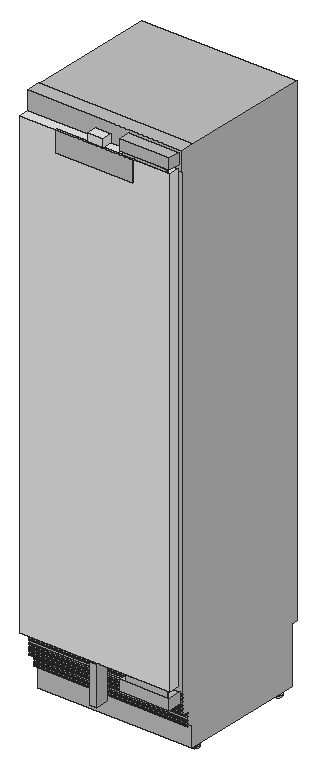
Revit family "FP-Revit18-RS2484SRHK1-Fridge-0-CA-US-90001063A", category Specialty Equipment, Revit 2020
Family settings
  Round Connector Dimension = Use Diameter
  Part Type = Normal
  OmniClass Number = 23.40.40.11.11
  OmniClass Title = Refrigerators and Freezers
  Work Plane-Based = No
  Always vertical = Yes
  Cut with Voids When Loaded = Yes
  Shared = No
  Room Calculation Point = No
Parameters (values of type "RS2484SRHE1")
  Visibility - Water Connection = no
  Visibility - Visibility Control Note = yes
  Visibility - Clearance Required = yes
  URL = "www.fisherpaykel.com"
  Stainless Steel Door Panels (RD2484R4D) = no
  Product - Width = 603 mm  # constant formula
  Product - Height = 2134 mm  # constant formula
  Product - Depth (exl front panel) = 610 mm  # constant formula
  Model = "RS2484SRHE1"
  Material - Handle = Fisher & Paykel - Aluminium
  Material - Door Structure = Fisher & Paykel - White
  Material - Door Front = Fisher & Paykel - Stainless Steel
  Material - Body = Fisher & Paykel - Grey
  Manufacturer = "Fisher & Paykel Appliances"
  Handle Style - Professional Square (AHV2-RD84) = no
  Handle Style - Professional Round (AHC-RD84) = no
  Handle Style - Contemporary Square (AHD3-RD84) = no
  Handle Style - Contemporary Round (AHS-RD84) = no
  Description = "24\" Integrated Column Refrigerator with stainless steel interior"
  Default Elevation = 0 mm
  Connector Description - Water = "Water Supply not required"
  Connector Description - Electrical = "120 V, 10 amp fused electrical supply"
  Cavity - Width = 610 mm  # constant formula
  Cavity - Height = 2134 mm  # constant formula
  Cavity - Depth = 635 mm  # constant formula
Types (4, lengths in mm): name | Visibility - Water Connection | Model | Description | Connector Description - Water
  (no name) | no | "RS2484SRHE1" | "24\" Integrated Column Refrigerator with stainless steel interior" | "Water Supply not required"
  RS2484SRHK1 | yes | "RS2484SRHK1" | "24\" Integrated Column Refrigerator with internal water, stainless steel interior" | "1/4\" (6mm) comp. stainless steel braided hose"
  RS2484SR1 | no | "RS2484SR1" | "24\" Integrated Column Refrigerator" | "Water Supply not required"
  RS2484SRHE1 | no | "RS2484SRHE1" | "24\" Integrated Column Refrigerator with stainless steel interior" | "Water Supply not required"
Reference planes
  plane 1 "Datum": y = 0
  plane 2: z = 0
  plane 3 "Center (Left/Right)": x = 0
  plane 4 "Product LHS": x = -301.5
  plane 5 "Product RHS": x = 301.5
  plane 6 "Product - Depth": y = 610
  plane 7 "Cavity LHS": x = -305
  plane 8 "Cavity RHS": x = 305
  plane 9 "Cavity - Depth": y = 612.9
  plane 10 "Handle Offset": x = -238.5
  plane 11 "Product Height": z = 2134
  plane 12 "Cavity Height": z = 2134
  plane 13 "Door Panel Datum": y = -4.1
Forms (mm)
  Extrusion 1, solid, material "Fisher & Paykel - Grey" <- "Material - Body", detail levels fine
    sketch origin (0, 0, 0) x (0, 1, 0) y (0, 0, 1)
      loop
        line (100.1, 19.1) -> (587.9, 19.1) -> (587.9, 239.7) -> (610, 239.7) -> (610, 2131.9) -> (105.1, 2131.9) -> (105.1, 2134) -> (49.9, 2134) -> (49.9, 2059) -> (56, 2059) -> (56, 228.6) -> (59.5, 228.6) -> (59.5, 219.7) -> (56.5, 219.7) -> (56.5, 215.9) -> (59.5, 215.9) -> (59.5, 207) -> (56.5, 207) -> (56.5, 203.2) -> (59.5, 203.2) -> (59.5, 194.3) -> (56.5, 194.3) -> (56.5, 190.5) -> (59.5, 190.5) -> (59.5, 181.6) -> (56.5, 181.6) -> (56.5, 177.8) -> (59.5, 177.8) -> (59.5, 168.9) -> (56.5, 168.9) -> (56.5, 165.1) -> (59.5, 165.1) -> (59.5, 156.2) -> (56.5, 156.2) -> (56.5, 152.4) -> (84.1, 152.4) -> (84.1, 143.5) -> (81.1, 143.5) -> (81.1, 139.7) -> (84.1, 139.7) -> (84.1, 130.8) -> (81.1, 130.8) -> (81.1, 127) -> (84.1, 127) -> (84.1, 118.1) -> (81.1, 118.1) -> (81.1, 114.3) -> (84.1, 114.3) -> (84.1, 105.4) -> (81.1, 105.4) -> (81.1, 101.6) -> (100.1, 101.6) -> (100.1, 19.1)
    from -301.5 to 301.5
  Extrusion 2, solid, material "Fisher & Paykel - Grey" <- "Material - Body"
    sketch origin (0, 0, 0) x (1, 0, 0) y (0, 1, 0)
      loop
        circle (-281, 547.8) r 4.1
      loop
        circle (-281, 141.8) r 4.1
      loop
        circle (281, 547.8) r 4.1
      loop
        circle (281, 141.8) r 4.1
    from 3 to 19.1
  Extrusion 3, solid, material "Fisher & Paykel - Grey" <- "Material - Body"
    sketch origin (0, 0, 0) x (1, 0, 0) y (0, 1, 0)
      loop
        circle (-281, 547.8) r 14.5
      loop
        circle (-281, 141.8) r 14.555
      loop
        circle (281, 547.8) r 14.5
      loop
        circle (281, 141.8) r 14.555
    from 0 to 3
  Extrusion 4, solid, material "Fisher & Paykel - Grey" <- "Material - Body", detail levels fine
    sketch origin (0, 0, 0) x (1, 0, 0) y (0, 1, 0)
      loop
        line (-7.5, 49) -> (-13.797, -4.1) -> (13.797, -4.1) -> (7.5, 49) -> (-7.5, 49)
    from 104.2 to 254.2
  Extrusion 5, solid, material "Fisher & Paykel - Grey" <- "Material - Body", detail levels fine
    sketch origin (0, 0, 0) x (1, 0, 0) y (0, 0, 1)
      loop
        line (289.9, 2123.15) -> (95.42, 2123.15) -> (95.42, 2081.05) -> (289.9, 2081.05) -> (289.9, 2123.15)
    from -49 to -2.5
  Extrusion 6, solid, material "Fisher & Paykel - Grey" <- "Material - Body", detail levels fine
    sketch origin (0, 0, 0) x (0, 1, 0) y (0, 0, 1)
      loop
        line (0, 2070.6) -> (0, 1988.6) -> (2, 1988.6) -> (2, 2068.6) -> (4, 2068.6) -> (4, 2070.6) -> (0, 2070.6)
    from -150 to 150
  Extrusion 7, solid, material "Fisher & Paykel - Grey" <- "Material - Body"
    sketch origin (0, 0, 0) x (1, 0, 0) y (0, 0, 1)
      loop
        circle (226.5, 119.813) r 5
      loop
        circle (-226.5, 119.813) r 5
    from -590 to -587.9
  Extrusion 8, solid, material "Fisher & Paykel - White" <- "Material - Door Structure"
    sketch origin (0, 0, 0) x (1, 0, 0) y (0, 1, 0)
      loop
        line (-276.5, 56) -> (-276.5, 42) -> (276.5, 42) -> (276.5, 56) -> (-276.5, 56)
    from 269.6 to 2030.7
  Extrusion 9, solid, material "Fisher & Paykel - White" <- "Material - Door Structure"
    sketch origin (0, 0, 0) x (1, 0, 0) y (0, 1, 0)
      loop
        line (-292.9, 42) -> (-292.9, 3) -> (292.9, 3) -> (292.9, 42) -> (-292.9, 42)
    from 254.2 to 2068.6
  Extrusion 10, solid, material "Fisher & Paykel - White" <- "Material - Door Structure", detail levels fine
    sketch origin (0, 0, 0) x (1, 0, 0) y (0, 0, 1)
      loop
        line (-29.5, 2100.1) -> (-29.5, 2068.6) -> (29.5, 2068.6) -> (29.5, 2100.1) -> (-29.5, 2100.1)
    from -42 to -3
  Extrusion 11, solid, material "Fisher & Paykel - Stainless Steel" <- "Material - Door Front", visible <- "Stainless Steel Door Panels (RD2484R4D)"
    sketch origin (0, 0, 0) x (0, 1, 0) y (0, 0, 1)
      loop
        line (-22.1, 2130.8) -> (-22.1, 102) -> (-4.1, 102) -> (-4.1, 2130.8) -> (-22.1, 2130.8)
    from -301.5 to 301.5
  Extrusion 12, solid, material "Fisher & Paykel - Grey" <- "Material - Body", detail levels coarse+medium
    sketch origin (0, 0, 0) x (0, 1, 0) y (0, 0, 1)
      loop
        line (49.9, 2134) -> (49.9, 2059) -> (56, 2059) -> (56, 152.4) -> (81.1, 152.4) -> (81.1, 101.6) -> (100.1, 101.6) -> (100.1, 19.1) -> (587.9, 19.1) -> (587.9, 239.7) -> (610, 239.7) -> (610, 2134) -> (49.9, 2134)
    from -301.5 to 301.5
  Extrusion 13, solid, material "Fisher & Paykel - Clearance Required", visible <- "Visibility - Clearance Required", detail levels coarse
    sketch origin (0, 0, 0) x (1, 0, 0) y (0, 1, 0)
      loop
        arc (-301.5, -22.1) -> (-13.376, -547.171) -> (584.28, -586.183) r 622.5
        line (584.28, -586.183) -> (565.051, -544.946) -> (589.549, -533.523)
        arc (589.549, -533.523) -> (598.013, -510.267) -> (574.757, -501.802) r 17.5
        line (574.757, -501.802) -> (550.259, -513.225) -> (329.441, -39.678)
        arc (329.441, -39.678) -> (310.616, -38.605) -> (301.5, -22.1) r 19.5
        line (301.5, -22.1) -> (-301.5, -22.1)
    from 0 to 2134
  Extrusion 14, solid, material "Fisher & Paykel - Grey" <- "Material - Body", detail levels fine
    sketch origin (0, 0, 0) x (1, 0, 0) y (0, 0, 1)
      loop
        line (289.9, 187.65) -> (289.9, 229.75) -> (95.42, 229.75) -> (95.42, 187.65) -> (289.9, 187.65)
    from -56 to -2.5
  Extrusion 15, solid, material "Fisher & Paykel - Grey" <- "Material - Body", detail levels fine
    sketch origin (0, 0, -4) x (0, 1, 0) y (0, 0, 1)
      loop
        arc (163.888, 23.1) -> (180.4, 13.63) -> (196.912, 23.1) r 19.13
        line (196.912, 23.1) -> (163.888, 23.1)
      loop
        arc (493.888, 23.1) -> (510.4, 13.63) -> (526.912, 23.1) r 19.13
        line (526.912, 23.1) -> (493.888, 23.1)
    from 191 to 219
  Extrusion 16, solid, material "Fisher & Paykel - Grey" <- "Material - Body", detail levels fine
    sketch origin (0, 0, -4) x (0, 1, 0) y (0, 0, -1)
      loop
        line (163.888, -23.1) -> (196.912, -23.1)
        arc (196.912, -23.1) -> (180.4, -13.63) -> (163.888, -23.1) r 19.13
      loop
        line (493.888, -23.1) -> (526.912, -23.1)
        arc (526.912, -23.1) -> (510.4, -13.63) -> (493.888, -23.1) r 19.13
    from 191 to 219
  Extrusion 17, solid, material "Fisher & Paykel - Clearance Required", visible <- "Visibility - Clearance Required", detail levels coarse
    sketch origin (0, 0, 0) x (1, 0, 0) y (0, 1, 0)
      loop
        line (-305, 612.9) -> (-305, -4.1) -> (305, -4.1) -> (305, 612.9) -> (-305, 612.9)
    from 0 to 2134
  Extrusion 18, void
    sketch origin (0, 0, 0) x (1, 0, 0) y (0, 1, 0)
      loop
        line (-305, 612.9) -> (-305, -22.1) -> (305, -22.1) -> (305, 612.9) -> (-305, 612.9)
    from 0 to 2134
  Extrusion 19, solid, material "Fisher & Paykel - Grey" <- "Material - Body", detail levels fine
    sketch origin (0, 0, 0) x (1, 0, 0) y (0, 0, 1)
      loop
        line (118.4, 254.2) -> (118.4, 229.75) -> (282.9, 229.75) -> (282.9, 254.2) -> (118.4, 254.2)
      loop
        line (106, 2081.05) -> (106, 2068.6) -> (282.9, 2068.6) -> (282.9, 2076.05) -> (242.9, 2081.05) -> (106, 2081.05)
    from -7 to -4
Lines and regions (mm)
  model lines, style "Fisher & Paykel"
    curve 1: line (-301.5, -4.1, 2130.8) -> (301.5, -4.1, 2130.8)
    curve 2: line (-301.5, -4.1, 102) -> (-301.5, -4.1, 2130.8)
    curve 3: line (301.5, -4.1, 102) -> (-301.5, -4.1, 102)
    curve 4: line (301.5, -4.1, 2130.8) -> (301.5, -4.1, 102)
Text (mm)
  text "Due to ongoing product development, product details are subject to change without notice. \nPlease always refer to www.fisherpaykel.com for the most current product information. \n© Fisher & Paykel 2020" at (41.04, -678.295, 0), in view "Ref. Level (Plan)"
Dimensions and locks
  equal spacing: plane 4 "Product LHS", plane 3 "Center (Left/Right)", plane 5 "Product RHS"
  "Product - Width": plane 4 "Product LHS" to plane 5 "Product RHS"
  "Product - Depth (exl front panel)": plane 1 "Datum" to plane 6 "Product - Depth"
  equal spacing: plane 7 "Cavity LHS", plane 3 "Center (Left/Right)", plane 8 "Cavity RHS"
  "Cavity - Width": plane 7 "Cavity LHS" to plane 8 "Cavity RHS"
  plane 4 "Product LHS" to Extrusion 2 sketch curve = 24.6 mm
  plane 4 "Product LHS" to plane 10 "Handle Offset" = 63 mm
  Extrusion 7 sketch curve to Extrusion 1 = 119.887 mm  (x2)
  Extrusion 7 sketch curve to plane 5 "Product RHS" = 75 mm
  plane 4 "Product LHS" to Extrusion 7 sketch curve = 75 mm
  Extrusion 1 sketch curve to Extrusion 1 sketch curve = 82.5 mm
  Extrusion 1 sketch curve to Extrusion 1 sketch curve = 209.5 mm
  Extrusion 3 to level = 3 mm
  Extrusion 12 to Extrusion 9 = 235.1 mm
  Extrusion 12 to Extrusion 8 = 250.5 mm
  Extrusion 12 to Extrusion 12 = 2114.9 mm
  Extrusion 12 to Extrusion 11 = 82.9 mm
  "Product - Height": level to plane 11 "Product Height"
  plane 11 "Product Height" to Extrusion 11 = 3.2 mm
  Extrusion 9 to plane 11 "Product Height" = 65.4 mm
  Extrusion 8 to plane 11 "Product Height" = 103.3 mm
  Extrusion 12 sketch curve to plane 11 "Product Height" = 75 mm
  Extrusion 1 sketch curve to plane 11 "Product Height" = 2.1 mm
  Extrusion 1 sketch curve to plane 11 "Product Height" = 75 mm
  "Cavity - Height": plane 12 "Cavity Height" to level
  plane 1 "Datum" to Extrusion 17 = 612.9 mm
  plane 1 "Datum" to Extrusion 18 = 612.9 mm
  Extrusion 19 sketch curve to Extrusion 19 sketch curve = 40 mm
  Extrusion 19 sketch curve to plane 3 "Center (Left/Right)" = 106 mm
  Extrusion 19 sketch curve to Extrusion 19 sketch curve = 176.9 mm
  Extrusion 19 sketch curve to plane 3 "Center (Left/Right)" = 118.4 mm
  plane 3 "Center (Left/Right)" to Extrusion 19 sketch curve = 282.9 mm
  Extrusion 18 to plane 1 "Datum" = 22.1 mm
  "Cavity - Depth": plane 9 "Cavity - Depth" to Extrusion 18
  radius of Extrusion 7 sketch curve = 5 mm
  aligned and locked: level to plane 2
  aligned and locked: Extrusion 11 to plane 5 "Product RHS"
  aligned and locked: plane 4 "Product LHS" to Extrusion 11
  aligned and locked: Extrusion 12 to plane 5 "Product RHS"
  aligned and locked: Extrusion 12 to plane 4 "Product LHS"
  aligned and locked: Extrusion 12 sketch curve to plane 11 "Product Height"
  aligned and locked: plane 11 "Product Height" to Extrusion 1 sketch curve
  aligned and locked: Extrusion 15 sketch curve to Extrusion 15 sketch curve
  aligned and locked: Extrusion 16 sketch curve to Extrusion 16 sketch curve
  aligned and locked: Extrusion 17 to Extrusion 13
  aligned and locked: Extrusion 18 to Extrusion 13
  aligned and locked: Extrusion 1 to plane 5 "Product RHS"
  aligned and locked: plane 4 "Product LHS" to Extrusion 1
  aligned and locked: Extrusion 2 to Extrusion 1
  aligned and locked: nested 5 to plane 10 "Handle Offset"
  aligned and locked: nested 4 to plane 10 "Handle Offset"
  aligned and locked: nested 3 to plane 10 "Handle Offset"
  aligned and locked: nested 2 to plane 10 "Handle Offset"
Automatic sketch dimensions
  Extrusion 2 sketch curve to plane 4 "Product LHS" = 20.5 mm  (x2)
  plane 5 "Product RHS" to Extrusion 2 sketch curve = 20.5 mm  (x2)
  Extrusion 2 sketch curve to plane 1 "Datum" = 141.8 mm  (x2)
  Extrusion 2 sketch curve to plane 6 "Product - Depth" = 62.2 mm  (x2)
  Extrusion 3 sketch curve to plane 4 "Product LHS" = 20.5 mm  (x2)
  plane 5 "Product RHS" to Extrusion 3 sketch curve = 20.5 mm  (x2)
  Extrusion 3 sketch curve to plane 1 "Datum" = 141.8 mm  (x2)
  Extrusion 3 sketch curve to plane 6 "Product - Depth" = 62.2 mm  (x2)
  plane 1 "Datum" to Extrusion 4 sketch curve = 4.1 mm
  Extrusion 4 sketch curve to plane 3 "Center (Left/Right)" = 13.797 mm
  Extrusion 4 sketch curve to plane 3 "Center (Left/Right)" = 7.5 mm
  plane 3 "Center (Left/Right)" to Extrusion 4 sketch curve = 7.5 mm
  plane 3 "Center (Left/Right)" to Extrusion 4 sketch curve = 13.797 mm
  Extrusion 4 sketch curve to plane 1 "Datum" = 49 mm
  plane 11 "Product Height" to Extrusion 5 sketch curve = 10.85 mm
  plane 3 "Center (Left/Right)" to Extrusion 5 sketch curve = 95.42 mm
  plane 5 "Product RHS" to Extrusion 5 sketch curve = 11.6 mm
  Extrusion 5 sketch curve to Extrusion 5 sketch curve = 42.1 mm
  Extrusion 6 sketch curve to plane 1 "Datum" = 0 mm
  Extrusion 6 sketch curve to plane 1 "Datum" = 2 mm
  Extrusion 6 sketch curve to Extrusion 6 sketch curve = 2 mm  (x2)
  plane 11 "Product Height" to Extrusion 6 sketch curve = 145.4 mm
  plane 11 "Product Height" to Extrusion 6 sketch curve = 65.4 mm
  Extrusion 8 sketch curve to plane 4 "Product LHS" = 25 mm
  plane 5 "Product RHS" to Extrusion 8 sketch curve = 25 mm
  Extrusion 8 sketch curve to plane 1 "Datum" = 42 mm
  Extrusion 8 sketch curve to Extrusion 8 sketch curve = 14 mm
  Extrusion 9 sketch curve to plane 1 "Datum" = 3 mm
  Extrusion 9 sketch curve to plane 4 "Product LHS" = 8.6 mm
  plane 5 "Product RHS" to Extrusion 9 sketch curve = 8.6 mm
  Extrusion 9 sketch curve to Extrusion 9 sketch curve = 39 mm
  Extrusion 10 sketch curve to plane 3 "Center (Left/Right)" = 29.5 mm
  plane 3 "Center (Left/Right)" to Extrusion 10 sketch curve = 29.5 mm
  plane 11 "Product Height" to Extrusion 10 sketch curve = 65.4 mm
  Extrusion 10 sketch curve to Extrusion 10 sketch curve = 31.5 mm
  plane 1 "Datum" to Extrusion 11 sketch curve = 22.1 mm
  plane 1 "Datum" to Extrusion 11 sketch curve = 4.1 mm
  level to Extrusion 11 sketch curve = 102 mm
  plane 11 "Product Height" to Extrusion 11 sketch curve = 3.2 mm
  Extrusion 13 sketch curve to Extrusion 13 sketch curve = 0 mm  (x2)
  Extrusion 13 sketch curve to plane 4 "Product LHS" = 0 mm
  Extrusion 13 sketch curve to plane 5 "Product RHS" = 0 mm
  Extrusion 13 sketch curve to plane 8 "Cavity RHS" = 16 mm
  Extrusion 13 sketch curve to Extrusion 13 sketch curve = 8.441 mm
  Extrusion 13 sketch curve to plane 8 "Cavity RHS" = 245.259 mm
  Extrusion 13 sketch curve to Extrusion 13 sketch curve = 14.792 mm
  Extrusion 13 sketch curve to Extrusion 13 sketch curve = 24.498 mm
  Extrusion 13 sketch curve to Extrusion 13 sketch curve = 7.396 mm  (x2)
  Extrusion 13 sketch curve to Extrusion 13 sketch curve = 19.229 mm
  plane 1 "Datum" to Extrusion 13 sketch curve = 586.183 mm
  Extrusion 13 sketch curve to Extrusion 13 sketch curve = 41.237 mm
  Extrusion 13 sketch curve to Extrusion 13 sketch curve = 15.86 mm
  plane 3 "Center (Left/Right)" to Extrusion 14 sketch curve = 95.42 mm
  plane 5 "Product RHS" to Extrusion 14 sketch curve = 11.6 mm
  level to Extrusion 14 sketch curve = 187.65 mm
  Extrusion 14 sketch curve to Extrusion 14 sketch curve = 42.1 mm
  Extrusion 15 sketch curve to plane 1 "Datum" = 163.888 mm
  Extrusion 15 sketch curve to Extrusion 15 sketch curve = 16.512 mm  (x2)
  Extrusion 15 sketch curve to plane 6 "Product - Depth" = 116.112 mm
  Extrusion 15 sketch curve to Extrusion 15 sketch curve = 9.66 mm  (x2)
  Extrusion 16 sketch curve to plane 1 "Datum" = 163.888 mm
  Extrusion 16 sketch curve to Extrusion 16 sketch curve = 16.512 mm  (x2)
  Extrusion 16 sketch curve to plane 6 "Product - Depth" = 116.112 mm
  Extrusion 16 sketch curve to Extrusion 16 sketch curve = 9.66 mm  (x2)
  Extrusion 17 sketch curve to plane 7 "Cavity LHS" = 0 mm
  Extrusion 17 sketch curve to plane 8 "Cavity RHS" = 0 mm
  Extrusion 17 sketch curve to plane 9 "Cavity - Depth" = 0 mm
  plane 1 "Datum" to Extrusion 17 sketch curve = 4.1 mm
  Extrusion 18 sketch curve to plane 7 "Cavity LHS" = 0 mm
  Extrusion 18 sketch curve to plane 8 "Cavity RHS" = 0 mm
  plane 9 "Cavity - Depth" to Extrusion 18 sketch curve = 0 mm
  plane 1 "Datum" to Extrusion 18 sketch curve = 22.1 mm
  level to Extrusion 19 sketch curve = 229.75 mm
  Extrusion 19 sketch curve to Extrusion 19 sketch curve = 24.45 mm
  plane 11 "Product Height" to Extrusion 19 sketch curve = 65.4 mm
  Extrusion 19 sketch curve to Extrusion 19 sketch curve = 7.45 mm
  Extrusion 19 sketch curve to Extrusion 19 sketch curve = 5 mm
  Extrusion 12 sketch curve to plane 6 "Product - Depth" = 0 mm
  Extrusion 12 sketch curve to plane 6 "Product - Depth" = 22.1 mm
  Extrusion 12 sketch curve to plane 1 "Datum" = 100.1 mm
  Extrusion 12 sketch curve to Extrusion 12 sketch curve = 19 mm
  Extrusion 12 sketch curve to plane 1 "Datum" = 56 mm
  Extrusion 12 sketch curve to plane 1 "Datum" = 49.9 mm
  level to Extrusion 12 sketch curve = 152.4 mm
  Extrusion 12 sketch curve to Extrusion 12 sketch curve = 50.8 mm
  level to Extrusion 12 sketch curve = 19.1 mm
  Extrusion 12 sketch curve to Extrusion 12 sketch curve = 220.6 mm
  level to Extrusion 15 sketch curve = 19.1 mm
  level to Extrusion 16 sketch curve = 28.76 mm
  Extrusion 1 sketch curve to plane 6 "Product - Depth" = 0 mm
  Extrusion 1 sketch curve to Extrusion 1 sketch curve = 22.1 mm
  Extrusion 1 sketch curve to plane 1 "Datum" = 105.1 mm
  level to Extrusion 1 sketch curve = 19.1 mm
  Extrusion 1 sketch curve to plane 1 "Datum" = 100.1 mm
  Extrusion 1 sketch curve to Extrusion 1 sketch curve = 16 mm
  Extrusion 1 sketch curve to Extrusion 1 sketch curve = 0 mm  (x8)
  Extrusion 1 sketch curve to Extrusion 1 sketch curve = 3 mm  (x10)
  Extrusion 1 sketch curve to plane 1 "Datum" = 59.5 mm
  Extrusion 1 sketch curve to plane 1 "Datum" = 56 mm
  Extrusion 1 sketch curve to plane 1 "Datum" = 49.9 mm
  Extrusion 1 sketch curve to Extrusion 1 sketch curve = 3.8 mm  (x10)
  Extrusion 1 sketch curve to Extrusion 1 sketch curve = 8.9 mm  (x9)
  Extrusion 1 sketch curve to Extrusion 1 sketch curve = 220.6 mm
  plane 5 "Product RHS" to curve 1 = 0 mm
  plane 4 "Product LHS" to curve 3 = 0 mm
  level to curve 3 = 102 mm
  plane 11 "Product Height" to curve 2 = 3.2 mm
  radius of Extrusion 2 sketch curve = 4.1 mm  (x3)
  radius of Extrusion 3 sketch curve = 14.5 mm  (x2)
  radius of Extrusion 3 sketch curve = 14.555 mm  (x2)
  radius of Extrusion 7 sketch curve = 5 mm
Nested families
  nested 1: "Visibility Control Note 18" at (0, 0, 0), visible <- "Visibility - Visibility Control Note", type "Visibility Control Note 18"
  nested 2: "Handle Contemporary Round - Vertical" at (-238.5, -22.1, 1242.58), visible <- "Handle Style - Contemporary Round (AHS-RD84)", type "AHS-RD84 - Contemporary round handle (Vertical) 852mm"
  nested 3: "Handle Contemporary Square - Vertical" at (-238.5, -22.1, 1242.58), visible <- "Handle Style - Contemporary Square (AHD3-RD84)", type "AHD3-RD84 - Contemporary square handle (Vertical) 852mm"
  nested 4: "Handle Professional Round - Vertical" at (-238.5, -22.1, 1242.58), visible <- "Handle Style - Professional Round (AHC-RD84)", type "AHC-RD84 - Professional round handle (Vertical) 786mm"
  nested 5: "Handle Professional Square - Vertical" at (-238.5, -22.1, 1242.58), visible <- "Handle Style - Professional Square (AHV2-RD84)", type "AHV2-RD84 - Professional square handle (Vertical) 792mm"
Connectors
  electrical at (-226.5, 590, 119.813), driven by "Connector Description - Electrical"
    settings: on Extrusion 7, index 1, voltage 120 V, apparent load 0 VA, apparent load phase1 0 VA, apparent load phase2 0 VA, apparent load phase3 0 VA, power factor 1, load classification "Other", number of poles 1, system type 30, power factor state 1, is connector primary yes, connector utility no, sub classification motor no, connector description "120 V, 10 amp fused electrical supply"
  piping at (226.5, 590, 119.813), diameter 12.7, driven by "Visibility - Water Connection", driven by "Connector Description - Water"
    settings: on Extrusion 7, index 2, connector inside diameter 609.6 mm, connector length 0 mm, flow factor 0, pipe flow 0.0 L/s, pressure drop 0.0 Pa, fitting loss kfactor 0, connector angle 0.00°, fixture units 0, engagement length 0 mm, angle of deflection 0.00°, flow configuration 0, flow direction 1, fitting loss method 0, system type 20, joint type 0, gender type 0, connector reference index -1, connector utility 0, adjustable connector no, is connector primary yes, connector description "Water Supply not required"
Definition of nested family "Handle Contemporary Round - Vertical"
  Parameters (values of type "AHSRS80A - Contemporary round handle (1 of 2) (Vertical) 727mm")
    URL = "www.fisherpaykel.com"
    Material - Handle = none
    Manufacturer = "Fisher & Paykel Appliances"
    Handle - Length = 727 mm
    Default Elevation = 0 mm
  Types (6, lengths in mm): name | Handle - Length
    AHS-RD21 - Contemporary round handle (Vertical) 852mm | 852
    AHSRD2484W - Contemporary round handle (1 of 2) (Vertical) 727mm | 727
    AHSRD3084W - Contemporary round handle (1 of 2) (Vertical) 727mm | 727
    AHS-RD84 - Contemporary round handle (Vertical) 852mm | 852
    AHSRS3272A - Contemporary round handle (1 of 2) (Vertical) 727mm | 727
    AHSRS80A - Contemporary round handle (1 of 2) (Vertical) 727mm | 727
  Reference planes
    plane 1 "Center (Front/Back)": y = 0
    plane 2: z = 0
    plane 3 "Center (Left/Right)": x = 0
    plane 4 "Top": z = 363.5
    plane 5 "Bottom": z = -363.5
    plane 6 "Top Standoff": z = 243.5
    plane 7 "Bottom Standoff": z = -243.5
  Forms (mm)
    Extrusion 1, solid, material <- "Material - Handle"
      sketch origin (0, 0, 0) x (1, 0, 0) y (0, 1, 0)
        loop
          circle (0, -32.3) r 8.7
      from -243.5 to 243.5
    Extrusion 2, solid, material <- "Material - Handle", detail levels fine
      sketch origin (0, 0, 0) x (1, 0, 0) y (0, 1, 0)
        loop
          line (-8.7, 0) -> (-8.7, -32.3)
          arc (-8.7, -32.3) -> (0, -41) -> (8.7, -32.3) r 8.7
          line (8.7, -32.3) -> (8.7, 0) -> (-8.7, 0)
      from 243.5 to 363.5
    Extrusion 3, solid, material <- "Material - Handle", detail levels fine
      sketch origin (0, 0, 0) x (1, 0, 0) y (0, 1, 0)
        loop
          line (-8.7, 0) -> (-8.7, -32.3)
          arc (-8.7, -32.3) -> (0, -41) -> (8.7, -32.3) r 8.7
          line (8.7, -32.3) -> (8.7, 0) -> (-8.7, 0)
      from -363.5 to -243.5
    Sweep 4, void
      path in 3D
        loop
          line (8.7, 0, -363.5) -> (8.7, -32.3, -363.5)
          arc (8.7, -32.3, -363.5) -> (0, -41, -363.5) -> (-8.7, -32.3, -363.5) r 8.7
          line (-8.7, -32.3, -363.5) -> (-8.7, 0, -363.5)
      profile origin (8.7, -16.15, -363.5) x (-1, 0, 0) y (0, 0, -1)
        loop
          line (0, 0) -> (0, -1) -> (1, 0) -> (0, 0)
    Sweep 5, void
      path in 3D
        loop
          line (-8.7, 0, 363.5) -> (-8.7, -32.3, 363.5)
          arc (-8.7, -32.3, 363.5) -> (0, -41, 363.5) -> (8.7, -32.3, 363.5) r 8.7
          line (8.7, -32.3, 363.5) -> (8.7, 0, 363.5)
      profile origin (8.7, -16.15, 363.5) x (-1, 0, 0) y (0, 0, 1)
        loop
          line (0, 0) -> (0, -1) -> (1, 0) -> (0, 0)
    Extrusion 6, solid, material <- "Material - Handle", detail levels coarse+medium
      sketch origin (0, 0, 0) x (1, 0, 0) y (0, 1, 0)
        loop
          line (-8.7, 0) -> (-8.7, -32.3)
          arc (-8.7, -32.3) -> (0, -41) -> (8.7, -32.3) r 8.7
          line (8.7, -32.3) -> (8.7, 0) -> (-8.7, 0)
      from 243.5 to 363.5
    Extrusion 7, solid, material <- "Material - Handle", detail levels coarse+medium
      sketch origin (0, 0, 0) x (1, 0, 0) y (0, 1, 0)
        loop
          line (-8.7, 0) -> (-8.7, -32.3)
          arc (-8.7, -32.3) -> (0, -41) -> (8.7, -32.3) r 8.7
          line (8.7, -32.3) -> (8.7, 0) -> (-8.7, 0)
      from -363.5 to -243.5
  Cuts and joins
    Sweep 4 cuts Extrusion 3
    Sweep 5 cuts Extrusion 2
  Lines and regions (mm)
    sketch lines
      curve 1: line (8.7, 0, -363.5) -> (8.7, -32.3, -363.5)
      curve 2: arc (-8.7, -32.3, -363.5) -> (0, -41, -363.5) -> (8.7, -32.3, -363.5) r 8.7
      curve 3: line (-8.7, -32.3, -363.5) -> (-8.7, 0, -363.5)
      curve 4: line (8.7, -32.3, 363.5) -> (8.7, 0, 363.5)
      curve 5: arc (8.7, -32.3, 363.5) -> (0, -41, 363.5) -> (-8.7, -32.3, 363.5) r 8.7
      curve 6: line (-8.7, 0, 363.5) -> (-8.7, -32.3, 363.5)
  Dimensions and locks
    equal spacing: plane 4 "Top", level, plane 5 "Bottom"
    "Handle - Length": plane 4 "Top" to plane 5 "Bottom"
    locked: plane 4 "Top" to plane 6 "Top Standoff" at 120
    locked: plane 7 "Bottom Standoff" to plane 5 "Bottom" at 120
    Extrusion 2 sketch curve to Extrusion 2 sketch curve = 17.4 mm
    Extrusion 3 sketch curve to Extrusion 3 sketch curve = 17.4 mm
    Extrusion 6 sketch curve to Extrusion 6 sketch curve = 17.4 mm
    Extrusion 7 sketch curve to Extrusion 7 sketch curve = 17.4 mm
    aligned and locked: level to plane 2
    aligned and locked: plane 4 "Top" to Extrusion 2
    aligned and locked: Extrusion 3 to plane 5 "Bottom"
    aligned and locked: plane 7 "Bottom Standoff" to Extrusion 3
    aligned and locked: Extrusion 1 to plane 7 "Bottom Standoff"
    aligned and locked: plane 6 "Top Standoff" to Extrusion 1
    aligned and locked: Extrusion 2 to Extrusion 1
    aligned and locked: Extrusion 6 to Extrusion 1
    aligned and locked: plane 4 "Top" to Extrusion 6
    aligned and locked: Extrusion 7 to Extrusion 1
    aligned and locked: Extrusion 7 to plane 5 "Bottom"
  Automatic sketch dimensions
    Extrusion 1 sketch curve to plane 3 "Center (Left/Right)" = 0 mm
    plane 1 "Center (Front/Back)" to Extrusion 1 sketch curve = 32.3 mm
    plane 1 "Center (Front/Back)" to Extrusion 2 sketch curve = 0 mm
    Extrusion 2 sketch curve to plane 3 "Center (Left/Right)" = 0 mm
    Extrusion 2 sketch curve to plane 3 "Center (Left/Right)" = 8.7 mm
    plane 1 "Center (Front/Back)" to Extrusion 2 sketch curve = 32.3 mm
    plane 1 "Center (Front/Back)" to Extrusion 3 sketch curve = 0 mm
    Extrusion 3 sketch curve to plane 3 "Center (Left/Right)" = 0 mm
    Extrusion 3 sketch curve to plane 3 "Center (Left/Right)" = 8.7 mm
    plane 1 "Center (Front/Back)" to Extrusion 3 sketch curve = 32.3 mm
    Sweep 4 sketch curve to profile plane = 0 mm  (x2)
    Sweep 4 sketch curve to profile plane = 1 mm  (x2)
    Sweep 5 sketch curve to profile plane = 0 mm  (x2)
    Sweep 5 sketch curve to profile plane = 1 mm  (x2)
    Extrusion 6 sketch curve to plane 3 "Center (Left/Right)" = 0 mm
    Extrusion 6 sketch curve to plane 3 "Center (Left/Right)" = 8.7 mm
    plane 1 "Center (Front/Back)" to Extrusion 6 sketch curve = 32.3 mm
    Extrusion 6 sketch curve to Extrusion 6 sketch curve = 32.3 mm
    Extrusion 7 sketch curve to plane 3 "Center (Left/Right)" = 0 mm
    Extrusion 7 sketch curve to plane 3 "Center (Left/Right)" = 8.7 mm
    plane 1 "Center (Front/Back)" to Extrusion 7 sketch curve = 32.3 mm
    Extrusion 7 sketch curve to Extrusion 7 sketch curve = 32.3 mm
    radius of Extrusion 1 sketch curve = 8.7 mm
Definition of nested family "Handle Contemporary Square - Vertical"
  Parameters (values of type "AHD3RS80A - Contemporary square handle (1 of 2) (Vertical) 727mm")
    URL = "www.fisherpaykel.com"
    Material - Handle = none
    Manufacturer = "Fisher & Paykel Appliances"
    Handle - Length = 727 mm
    Default Elevation = 0 mm
  Types (7, lengths in mm): name | Handle - Length
    (no name) | 727
    AHD3-RD21 - Contemporary square handle (Vertical) 852mm | 852
    AHD3RD2484W - Contemporary square handle (1 of 2) (Vertical) 727mm | 727
    AHD3RD3084W - Contemporary square handle (1 of 2) (Vertical) 727mm | 727
    AHD3-RD84 - Contemporary square handle (Vertical) 852mm | 852
    AHD3RS3272A - Contemporary square handle (1 of 2) (Vertical) 727mm | 727
    AHD3RS80A - Contemporary square handle (1 of 2) (Vertical) 727mm | 727
  Reference planes
    plane 1 "Center (Front/Back)": y = 0
    plane 2: z = 0
    plane 3 "Center (Left/Right)": x = 0
    plane 4 "Top": z = 363.5
    plane 5 "Bottom": z = -363.5
    plane 6 "Top Standoff": z = 243.5
    plane 7 "Bottom Standoff": z = -243.5
  Forms (mm)
    Extrusion 1, solid, material <- "Material - Handle", detail levels fine
      sketch origin (0, 0, 0) x (1, 0, 0) y (0, 1, 0)
        loop
          arc (-7.583, -28.701) -> (-7.89, -29.057) -> (-8, -29.514) r 1
          line (-8, -29.514) -> (-8, -40.5)
          arc (-8, -40.5) -> (-7.561, -41.561) -> (-6.5, -42) r 1.5
          line (-6.5, -42) -> (6.5, -42)
          arc (6.5, -42) -> (7.561, -41.561) -> (8, -40.5) r 1.5
          line (8, -40.5) -> (8, -29.487)
          arc (8, -29.487) -> (7.889, -29.029) -> (7.58, -28.673) r 1
          arc (7.58, -28.673) -> (-0.006, -26.256) -> (-7.583, -28.701) r 13.038
      from -363.5 to 363.5
    Extrusion 2, solid, material <- "Material - Handle", detail levels fine
      sketch origin (0, 0, 0) x (1, 0, 0) y (0, 1, 0)
        loop
          arc (7.058, -28.23) -> (7.466, -28.244) -> (7.674, -27.893) r 0.4
          line (7.674, -27.893) -> (7.674, 0) -> (-7.674, 0) -> (-7.674, -27.86)
          arc (-7.674, -27.86) -> (-7.467, -28.21) -> (-7.06, -28.198) r 0.4
          arc (-7.06, -28.198) -> (0.004, -26.156) -> (7.058, -28.23) r 13.136
      from 243.5 to 363.5
    Extrusion 3, solid, material <- "Material - Handle", detail levels fine
      sketch origin (0, 0, 0) x (1, 0, 0) y (0, 1, 0)
        loop
          arc (7.058, -28.23) -> (7.466, -28.244) -> (7.674, -27.893) r 0.4
          line (7.674, -27.893) -> (7.674, 0) -> (-7.674, 0) -> (-7.674, -27.86)
          arc (-7.674, -27.86) -> (-7.467, -28.21) -> (-7.06, -28.198) r 0.4
          arc (-7.06, -28.198) -> (0.004, -26.156) -> (7.058, -28.23) r 13.136
      from -363.5 to -243.5
    Sweep 4, void
      path in 3D
        loop
          line (-8, -29.514, 363.5) -> (-8, -40.5, 363.5)
          arc (-8, -40.5, 363.5) -> (-7.561, -41.561, 363.5) -> (-6.5, -42, 363.5) r 1.5
          line (-6.5, -42, 363.5) -> (6.5, -42, 363.5)
          arc (6.5, -42, 363.5) -> (7.561, -41.561, 363.5) -> (8, -40.5, 363.5) r 1.5
          line (8, -40.5, 363.5) -> (8, -29.487, 363.5)
      profile origin (8, -34.994, 363.5) x (-1, 0, 0) y (0, 0, 1)
        loop
          line (0, 0) -> (0, -1.3) -> (1.3, 0) -> (0, 0)
    Sweep 5, void
      path in 3D
        loop
          line (8, -29.487, -363.5) -> (8, -40.5, -363.5)
          arc (8, -40.5, -363.5) -> (7.561, -41.561, -363.5) -> (6.5, -42, -363.5) r 1.5
          line (6.5, -42, -363.5) -> (-6.5, -42, -363.5)
          arc (-6.5, -42, -363.5) -> (-7.561, -41.561, -363.5) -> (-8, -40.5, -363.5) r 1.5
          line (-8, -40.5, -363.5) -> (-8, -29.514, -363.5)
      profile origin (8, -34.994, -363.5) x (-1, 0, 0) y (0, 0, -1)
        loop
          line (0, 0) -> (0, -1.3) -> (1.3, 0) -> (0, 0)
    Extrusion 6, void
      sketch origin (0, 0, 0) x (1, 0, 0) y (0, 0, 1)
        loop
          line (-8, -362.2) -> (-8, -363.5) -> (-6.7, -363.5) -> (-8, -362.2)
        loop
          line (8, -362.2) -> (6.7, -363.5) -> (8, -363.5) -> (8, -362.2)
      from 0 to 40
    Extrusion 7, void
      sketch origin (0, 0, 0) x (1, 0, 0) y (0, 0, 1)
        loop
          line (-8, 363.5) -> (-8, 362.2) -> (-6.7, 363.5) -> (-8, 363.5)
        loop
          line (8, 363.5) -> (6.7, 363.5) -> (8, 362.2) -> (8, 363.5)
      from 0 to 40
    Extrusion 8, solid, material <- "Material - Handle", detail levels coarse+medium
      sketch origin (0, 0, 0) x (0, 1, 0) y (0, 0, 1)
        loop
          line (0, 363.5) -> (-42, 363.5) -> (-42, -363.5) -> (0, -363.5) -> (0, -243.5) -> (-26.245, -243.5) -> (-26.245, 243.5) -> (0, 243.5) -> (0, 363.5)
      from -8 to 8
  Cuts and joins
    Sweep 4, Sweep 5, Extrusion 6, Extrusion 7 cuts Extrusion 1
    Extrusion 6 cuts Extrusion 3
    Extrusion 7 cuts Extrusion 2
  Lines and regions (mm)
    sketch lines
      curve 1: line (8, -40.5, 363.5) -> (8, -29.487, 363.5)
      curve 2: arc (8, -40.5, 363.5) -> (7.561, -41.561, 363.5) -> (6.5, -42, 363.5) r 1.5
      curve 3: line (-6.5, -42, 363.5) -> (6.5, -42, 363.5)
      curve 4: arc (-6.5, -42, 363.5) -> (-7.561, -41.561, 363.5) -> (-8, -40.5, 363.5) r 1.5
      curve 5: line (-8, -29.514, 363.5) -> (-8, -40.5, 363.5)
      curve 6: line (8, -29.487, -363.5) -> (8, -40.5, -363.5)
      curve 7: arc (6.5, -42, -363.5) -> (7.561, -41.561, -363.5) -> (8, -40.5, -363.5) r 1.5
      curve 8: line (6.5, -42, -363.5) -> (-6.5, -42, -363.5)
      curve 9: arc (-8, -40.5, -363.5) -> (-7.561, -41.561, -363.5) -> (-6.5, -42, -363.5) r 1.5
      curve 10: line (-8, -40.5, -363.5) -> (-8, -29.514, -363.5)
  Dimensions and locks
    equal spacing: plane 4 "Top", level, plane 5 "Bottom"
    "Handle - Length": plane 4 "Top" to plane 5 "Bottom"
    locked: plane 4 "Top" to plane 6 "Top Standoff" at 120
    locked: plane 7 "Bottom Standoff" to plane 5 "Bottom" at 120
    aligned and locked: level to plane 2
    aligned and locked: plane 4 "Top" to Extrusion 2
    aligned and locked: Extrusion 2 to plane 6 "Top Standoff"
    aligned and locked: plane 4 "Top" to Extrusion 1
    aligned and locked: Extrusion 1 to plane 5 "Bottom"
    aligned and locked: Extrusion 3 to plane 5 "Bottom"
    aligned and locked: plane 7 "Bottom Standoff" to Extrusion 3
    aligned and locked: plane 4 "Top" to Extrusion 8 sketch curve
    aligned and locked: plane 6 "Top Standoff" to Extrusion 8 sketch curve
    aligned and locked: plane 7 "Bottom Standoff" to Extrusion 8 sketch curve
    aligned and locked: plane 5 "Bottom" to Extrusion 8 sketch curve
    aligned and locked: plane 1 "Center (Front/Back)" to Extrusion 8 sketch curve  (x2)
  Automatic sketch dimensions
    Extrusion 1 sketch curve to plane 3 "Center (Left/Right)" = 8 mm
    Extrusion 1 sketch curve to Extrusion 1 sketch curve = 1 mm  (x2)
    Extrusion 1 sketch curve to Extrusion 1 sketch curve = 1.5 mm
    plane 3 "Center (Left/Right)" to Extrusion 1 sketch curve = 0.018 mm
    plane 3 "Center (Left/Right)" to Extrusion 1 sketch curve = 6.5 mm
    plane 3 "Center (Left/Right)" to Extrusion 1 sketch curve = 7 mm
    plane 1 "Center (Front/Back)" to Extrusion 1 sketch curve = 42 mm
    Extrusion 1 sketch curve to Extrusion 1 sketch curve = 1.206 mm
    Extrusion 1 sketch curve to Extrusion 1 sketch curve = 10.986 mm
    Extrusion 1 sketch curve to Extrusion 1 sketch curve = 11.013 mm
    Extrusion 1 sketch curve to Extrusion 1 sketch curve = 0 mm
    plane 1 "Center (Front/Back)" to Extrusion 2 sketch curve = 0 mm
    Extrusion 2 sketch curve to plane 3 "Center (Left/Right)" = 7.674 mm
    Extrusion 2 sketch curve to Extrusion 2 sketch curve = 0.4 mm  (x2)
    Extrusion 2 sketch curve to plane 3 "Center (Left/Right)" = 0.026 mm
    plane 3 "Center (Left/Right)" to Extrusion 2 sketch curve = 7.274 mm
    plane 1 "Center (Front/Back)" to Extrusion 2 sketch curve = 27.86 mm
    Extrusion 2 sketch curve to Extrusion 2 sketch curve = 0.033 mm
    Extrusion 2 sketch curve to Extrusion 2 sketch curve = 11.398 mm
    Extrusion 2 sketch curve to Extrusion 2 sketch curve = 0 mm
    plane 1 "Center (Front/Back)" to Extrusion 3 sketch curve = 0 mm
    Extrusion 3 sketch curve to Extrusion 3 sketch curve = 0.4 mm  (x2)
    Extrusion 3 sketch curve to Extrusion 3 sketch curve = 7.248 mm
    Extrusion 3 sketch curve to Extrusion 3 sketch curve = 7.3 mm
    plane 1 "Center (Front/Back)" to Extrusion 3 sketch curve = 27.86 mm
    Extrusion 3 sketch curve to Extrusion 3 sketch curve = 0.033 mm
    Extrusion 3 sketch curve to Extrusion 3 sketch curve = 11.398 mm
    Extrusion 3 sketch curve to Extrusion 3 sketch curve = 0 mm
    Sweep 4 sketch curve to profile plane = 0 mm  (x2)
    Sweep 4 sketch curve to profile plane = 1.3 mm  (x2)
    Sweep 5 sketch curve to profile plane = 0 mm  (x2)
    Sweep 5 sketch curve to profile plane = 1.3 mm  (x2)
    Extrusion 6 sketch curve to plane 5 "Bottom" = 0 mm  (x2)
    plane 5 "Bottom" to Extrusion 6 sketch curve = 1.3 mm  (x2)
    Extrusion 6 sketch curve to plane 3 "Center (Left/Right)" = 8 mm
    Extrusion 6 sketch curve to Extrusion 6 sketch curve = 1.3 mm  (x2)
    plane 3 "Center (Left/Right)" to Extrusion 6 sketch curve = 8 mm
    Extrusion 7 sketch curve to plane 4 "Top" = 0 mm  (x2)
    Extrusion 7 sketch curve to plane 3 "Center (Left/Right)" = 8 mm
    Extrusion 7 sketch curve to Extrusion 7 sketch curve = 1.3 mm  (x2)
    plane 3 "Center (Left/Right)" to Extrusion 7 sketch curve = 8 mm
    Extrusion 7 sketch curve to plane 4 "Top" = 1.3 mm  (x2)
    plane 1 "Center (Front/Back)" to Extrusion 8 sketch curve = 26.245 mm
    plane 1 "Center (Front/Back)" to Extrusion 8 sketch curve = 42 mm
    Extrusion 3 sketch curve to plane 3 "Center (Left/Right)" = 7.674 mm
Definition of nested family "Handle Professional Round - Vertical"
  Parameters (values of type "AHCRD2484W - Professional round handle (1 of 2) (Vertical) 661mm")
    URL = "www.fisherpaykel.com"
    Material - Standoff = none
    Material - Handle = none
    Manufacturer = "Fisher & Paykel Appliances"
    Handle - Length = 661 mm
    Default Elevation = 0 mm
  Types (5, lengths in mm): name | Handle - Length
    (no name) | 661
    AHCRD2484W - Professional round handle (1 of 2) (Vertical) 661mm | 661
    AHCRD3084W - Professional round handle (1 of 2) (Vertical) 661mm | 661
    AHC-RD84 - Professional round handle (Vertical) 786mm | 786
    AHCRS3272A - Professional round handle (1 of 2) (Vertical) 661mm | 661
  Reference planes
    plane 1 "Center (Front/Back)": y = 0
    plane 2: z = 0
    plane 3 "Center (Left/Right)": x = 0
    plane 4 "Top": z = 330.5
    plane 5 "Bottom": z = -330.5
    plane 6 "Top Standoff": z = 286.5
    plane 7 "Bottom Standoff": z = -286.5
  Forms (mm)
    Extrusion 1, solid, material <- "Material - Standoff", detail levels fine
      sketch origin (0, 0, 0) x (1, 0, 0) y (0, 1, 0)
        loop
          line (-18.5, 0) -> (-18.5, -39.4)
          arc (-18.5, -39.4) -> (0, -57.9) -> (18.5, -39.4) r 18.5
          line (18.5, -39.4) -> (18.5, 0) -> (-18.5, 0)
      from 286.5 to 330.5
    Extrusion 2, solid, material <- "Material - Standoff", detail levels fine
      sketch origin (0, 0, 0) x (1, 0, 0) y (0, 1, 0)
        loop
          line (-18.5, 0) -> (-18.5, -39.4)
          arc (-18.5, -39.4) -> (0, -57.9) -> (18.5, -39.4) r 18.5
          line (18.5, -39.4) -> (18.5, 0) -> (-18.5, 0)
      from -330.5 to -286.5
    Extrusion 3, solid, material <- "Material - Handle"
      sketch origin (0, 0, 0) x (1, 0, 0) y (0, 1, 0)
        loop
          circle (0, -39.4) r 12.7
      from -286.5 to 286.5
    Sweep 4, void
      path in 3D
        loop
          line (-18.5, 0, 330.5) -> (-18.5, -39.4, 330.5)
          arc (-18.5, -39.4, 330.5) -> (0, -57.9, 330.5) -> (18.5, -39.4, 330.5) r 18.5
          line (18.5, -39.4, 330.5) -> (18.5, 0, 330.5)
      profile origin (18.5, -19.7, 330.5) x (-1, 0, 0) y (0, 0, 1)
        loop
          line (0, 0) -> (0, -3) -> (3, 0) -> (0, 0)
    Sweep 5, void
      path in 3D
        loop
          line (18.5, 0, -330.5) -> (18.5, -39.4, -330.5)
          arc (18.5, -39.4, -330.5) -> (0, -57.9, -330.5) -> (-18.5, -39.4, -330.5) r 18.5
          line (-18.5, -39.4, -330.5) -> (-18.5, 0, -330.5)
      profile origin (18.5, -19.7, -330.5) x (-1, 0, 0) y (0, 0, -1)
        loop
          line (0, 0) -> (0, -3) -> (3, 0) -> (0, 0)
    Extrusion 6, solid, material <- "Material - Standoff", detail levels coarse+medium
      sketch origin (0, 0, 0) x (1, 0, 0) y (0, 1, 0)
        loop
          line (-18.5, 0) -> (-18.5, -39.4)
          arc (-18.5, -39.4) -> (0, -57.9) -> (18.5, -39.4) r 18.5
          line (18.5, -39.4) -> (18.5, 0) -> (-18.5, 0)
      from 286.5 to 330.5
    Extrusion 7, solid, material <- "Material - Standoff", detail levels coarse+medium
      sketch origin (0, 0, 0) x (1, 0, 0) y (0, 1, 0)
        loop
          line (-18.5, 0) -> (-18.5, -39.4)
          arc (-18.5, -39.4) -> (0, -57.9) -> (18.5, -39.4) r 18.5
          line (18.5, -39.4) -> (18.5, 0) -> (-18.5, 0)
      from -330.5 to -286.5
  Cuts and joins
    Sweep 4 cuts Extrusion 1
    Sweep 5 cuts Extrusion 2
  Lines and regions (mm)
    sketch lines
      curve 1: line (18.5, -39.4, 330.5) -> (18.5, 0, 330.5)
      curve 2: arc (18.5, -39.4, 330.5) -> (0, -57.9, 330.5) -> (-18.5, -39.4, 330.5) r 18.5
      curve 3: line (-18.5, 0, 330.5) -> (-18.5, -39.4, 330.5)
      curve 4: line (18.5, 0, -330.5) -> (18.5, -39.4, -330.5)
      curve 5: arc (-18.5, -39.4, -330.5) -> (0, -57.9, -330.5) -> (18.5, -39.4, -330.5) r 18.5
      curve 6: line (-18.5, -39.4, -330.5) -> (-18.5, 0, -330.5)
  Dimensions and locks
    equal spacing: plane 4 "Top", level, plane 5 "Bottom"
    "Handle - Length": plane 4 "Top" to plane 5 "Bottom"
    plane 4 "Top" to plane 6 "Top Standoff" = 44 mm
    plane 7 "Bottom Standoff" to plane 5 "Bottom" = 44 mm
    aligned and locked: level to plane 2
    aligned and locked: plane 4 "Top" to Extrusion 1
    aligned and locked: Extrusion 1 to plane 6 "Top Standoff"
    aligned and locked: Extrusion 2 to plane 5 "Bottom"
    aligned and locked: plane 7 "Bottom Standoff" to Extrusion 2
    aligned and locked: plane 6 "Top Standoff" to Extrusion 3
    aligned and locked: Extrusion 3 to plane 7 "Bottom Standoff"
    aligned and locked: plane 4 "Top" to Extrusion 6
    aligned and locked: Extrusion 7 to plane 5 "Bottom"
    aligned and locked: plane 7 "Bottom Standoff" to Extrusion 7
    aligned and locked: Extrusion 6 to plane 6 "Top Standoff"
  Automatic sketch dimensions
    plane 1 "Center (Front/Back)" to Extrusion 1 sketch curve = 0 mm
    Extrusion 1 sketch curve to plane 3 "Center (Left/Right)" = 0 mm
    Extrusion 1 sketch curve to plane 3 "Center (Left/Right)" = 18.5 mm
    plane 1 "Center (Front/Back)" to Extrusion 1 sketch curve = 39.4 mm
    plane 1 "Center (Front/Back)" to Extrusion 2 sketch curve = 0 mm
    Extrusion 2 sketch curve to plane 3 "Center (Left/Right)" = 0 mm
    Extrusion 2 sketch curve to plane 3 "Center (Left/Right)" = 18.5 mm
    plane 1 "Center (Front/Back)" to Extrusion 2 sketch curve = 39.4 mm
    Extrusion 3 sketch curve to plane 3 "Center (Left/Right)" = 0 mm
    plane 1 "Center (Front/Back)" to Extrusion 3 sketch curve = 39.4 mm
    Sweep 4 sketch curve to profile plane = 0 mm  (x2)
    Sweep 4 sketch curve to profile plane = 3 mm  (x2)
    Sweep 5 sketch curve to profile plane = 0 mm  (x2)
    Sweep 5 sketch curve to profile plane = 3 mm  (x2)
    Extrusion 6 sketch curve to plane 3 "Center (Left/Right)" = 0 mm
    Extrusion 6 sketch curve to plane 3 "Center (Left/Right)" = 18.5 mm
    plane 1 "Center (Front/Back)" to Extrusion 6 sketch curve = 39.4 mm
    Extrusion 6 sketch curve to Extrusion 6 sketch curve = 39.4 mm
    Extrusion 7 sketch curve to plane 3 "Center (Left/Right)" = 0 mm
    Extrusion 7 sketch curve to plane 3 "Center (Left/Right)" = 18.5 mm
    plane 1 "Center (Front/Back)" to Extrusion 7 sketch curve = 39.4 mm
    Extrusion 7 sketch curve to Extrusion 7 sketch curve = 39.4 mm
    radius of Extrusion 3 sketch curve = 12.7 mm
Definition of nested family "Handle Professional Square - Vertical"
  Parameters (values of type "AHV2RS3272A - Professional square handle (1 of 2) (Vertical) 727mm")
    URL = "www.fisherpaykel.com"
    Material - Handle = none
    Manufacturer = "Fisher & Paykel Appliances"
    Handle - Length = 727 mm
    Default Elevation = 0 mm
  Types (5, lengths in mm): name | Handle - Length
    (no name) | 727
    AHV2RD2484W - Professional square handle (1 of 2) (Vertical) 727mm | 727
    AHV2RD3084W - Professional square handle (1 of 2) (Vertical) 727mm | 727
    AHV2-RD84 - Professional square handle (Vertical) 792mm | 792
    AHV2RS3272A - Professional square handle (1 of 2) (Vertical) 727mm | 727
  Reference planes
    plane 1 "Center (Front/Back)": y = 0
    plane 2: z = 0
    plane 3 "Center (Left/Right)": x = 0
    plane 4 "Top": z = 363.5
    plane 5 "Bottom": z = -363.5
    plane 6 "Top Standoff": z = 313.5
    plane 7 "Bottom Standoff": z = -313.5
  Forms (mm)
    Extrusion 1, solid, material <- "Material - Handle", detail levels fine
      sketch origin (0, 0, 0) x (0, 1, 0) y (0, 0, 1)
        loop
          line (0, 363.5) -> (-40, 363.5)
          arc (-40, 363.5) -> (-47.071, 360.571) -> (-50, 353.5) r 10
          line (-50, 353.5) -> (-50, 313.5) -> (0, 313.5) -> (0, 363.5)
        loop
          line (0, -363.5) -> (0, -313.5) -> (-50, -313.5) -> (-50, -353.5)
          arc (-50, -353.5) -> (-47.071, -360.571) -> (-40, -363.5) r 10
          line (-40, -363.5) -> (0, -363.5)
      from -17.5 to 17.5
    Sweep 2, void
      path in 3D
        loop
          line (17.5, 0, 363.5) -> (17.5, -40, 363.5)
          arc (17.5, -40, 363.5) -> (17.5, -47.071, 360.571) -> (17.5, -50, 353.5) r 10
          line (17.5, -50, 353.5) -> (17.5, -50, 313.5)
      profile origin (17.5, -20, 363.5) x (1, 0, 0) y (0, 0, 1)
        loop
          line (0, 0) -> (-2.5, 0) -> (0, -2.5) -> (0, 0)
    Sweep 3, void
      path in 3D
        loop
          line (-17.5, -50, 313.5) -> (-17.5, -50, 353.5)
          arc (-17.5, -50, 353.5) -> (-17.5, -47.071, 360.571) -> (-17.5, -40, 363.5) r 10
          line (-17.5, -40, 363.5) -> (-17.5, 0, 363.5)
      profile origin (-17.5, -20, 363.5) x (-1, 0, 0) y (0, 0, 1)
        loop
          line (0, 0) -> (-2.5, 0) -> (0, -2.5) -> (0, 0)
    Sweep 4, void
      path in 3D
        loop
          line (17.5, -50, -313.5) -> (17.5, -50, -353.5)
          arc (17.5, -50, -353.5) -> (17.5, -47.071, -360.571) -> (17.5, -40, -363.5) r 10
          line (17.5, -40, -363.5) -> (17.5, 0, -363.5)
      profile origin (17.5, -20, -363.5) x (1, 0, 0) y (0, 0, -1)
        loop
          line (0, 0) -> (-2.5, 0) -> (0, -2.5) -> (0, 0)
    Sweep 5, void
      path in 3D
        loop
          line (-17.5, 0, -363.5) -> (-17.5, -40, -363.5)
          arc (-17.5, -40, -363.5) -> (-17.5, -47.071, -360.571) -> (-17.5, -50, -353.5) r 10
          line (-17.5, -50, -353.5) -> (-17.5, -50, -313.5)
      profile origin (-17.5, -20, -363.5) x (-1, 0, 0) y (0, 0, -1)
        loop
          line (0, 0) -> (-2.5, 0) -> (0, -2.5) -> (0, 0)
    Extrusion 6, solid, material <- "Material - Handle", detail levels fine
      sketch origin (0, 0, 0) x (1, 0, 0) y (0, 1, 0)
        loop
          line (-15.5, -36.737) -> (-15.5, -46.422) -> (-14.172, -47.75) -> (14.172, -47.75) -> (15.5, -46.422) -> (15.5, -36.737)
          arc (15.5, -36.737) -> (0, -32.25) -> (-15.5, -36.737) r 29.013
      from -313.5 to 313.5
    Extrusion 7, solid, material <- "Material - Handle", detail levels coarse+medium
      sketch origin (0, 0, 0) x (0, 1, 0) y (0, 0, 1)
        loop
          line (0, 363.5) -> (-40, 363.5)
          arc (-40, 363.5) -> (-47.071, 360.571) -> (-50, 353.5) r 10
          line (-50, 353.5) -> (-50, -353.5)
          arc (-50, -353.5) -> (-47.071, -360.571) -> (-40, -363.5) r 10
          line (-40, -363.5) -> (0, -363.5) -> (0, -313.5) -> (-31.95, -313.5) -> (-31.95, 313.5) -> (0, 313.5) -> (0, 363.5)
      from -17.5 to 17.5
  Cuts and joins
    Sweep 2, Sweep 3, Sweep 4, Sweep 5 cuts Extrusion 1
  Lines and regions (mm)
    sketch lines
      curve 1: line (17.5, 0, 363.5) -> (17.5, -40, 363.5)
      curve 2: arc (17.5, -50, 353.5) -> (17.5, -47.071, 360.571) -> (17.5, -40, 363.5) r 10
      curve 3: line (17.5, -50, 353.5) -> (17.5, -50, 313.5)
      curve 4: line (-17.5, -40, 363.5) -> (-17.5, 0, 363.5)
      curve 5: arc (-17.5, -40, 363.5) -> (-17.5, -47.071, 360.571) -> (-17.5, -50, 353.5) r 10
      curve 6: line (-17.5, -50, 313.5) -> (-17.5, -50, 353.5)
      curve 7: line (17.5, -40, -363.5) -> (17.5, 0, -363.5)
      curve 8: arc (17.5, -40, -363.5) -> (17.5, -47.071, -360.571) -> (17.5, -50, -353.5) r 10
      curve 9: line (17.5, -50, -313.5) -> (17.5, -50, -353.5)
      curve 10: line (-17.5, 0, -363.5) -> (-17.5, -40, -363.5)
      curve 11: arc (-17.5, -50, -353.5) -> (-17.5, -47.071, -360.571) -> (-17.5, -40, -363.5) r 10
      curve 12: line (-17.5, -50, -353.5) -> (-17.5, -50, -313.5)
  Dimensions and locks
    equal spacing: plane 4 "Top", level, plane 5 "Bottom"
    "Handle - Length": plane 4 "Top" to plane 5 "Bottom"
    plane 7 "Bottom Standoff" to plane 5 "Bottom" = 50 mm
    plane 4 "Top" to plane 6 "Top Standoff" = 50 mm
    aligned and locked: level to plane 2
    aligned and locked: plane 4 "Top" to Extrusion 1 sketch curve
    aligned and locked: plane 5 "Bottom" to Extrusion 1 sketch curve
    aligned and locked: Extrusion 1 sketch curve to plane 1 "Center (Front/Back)"
    aligned and locked: plane 1 "Center (Front/Back)" to Extrusion 1 sketch curve
    aligned and locked: plane 6 "Top Standoff" to Extrusion 1 sketch curve
    aligned and locked: plane 7 "Bottom Standoff" to Extrusion 1 sketch curve
    aligned and locked: plane 6 "Top Standoff" to Extrusion 6
    aligned and locked: Extrusion 6 to plane 7 "Bottom Standoff"
    aligned and locked: plane 4 "Top" to Extrusion 7 sketch curve
    aligned and locked: plane 6 "Top Standoff" to Extrusion 7 sketch curve
    aligned and locked: plane 1 "Center (Front/Back)" to Extrusion 7 sketch curve
    aligned and locked: plane 7 "Bottom Standoff" to Extrusion 7 sketch curve
    aligned and locked: plane 5 "Bottom" to Extrusion 7 sketch curve
    aligned and locked: Extrusion 7 sketch curve to plane 1 "Center (Front/Back)"
  Automatic sketch dimensions
    Sweep 2 sketch curve to profile plane = 0 mm
    profile plane to Sweep 2 sketch curve = 0 mm
    profile plane to Sweep 2 sketch curve = 2.5 mm
    Sweep 2 sketch curve to profile plane = 2.5 mm
    Sweep 3 sketch curve to profile plane = 0 mm  (x2)
    profile plane to Sweep 3 sketch curve = 2.5 mm
    Sweep 3 sketch curve to profile plane = 2.5 mm
    Sweep 4 sketch curve to profile plane = 0 mm
    profile plane to Sweep 4 sketch curve = 0 mm
    profile plane to Sweep 4 sketch curve = 2.5 mm
    Sweep 4 sketch curve to profile plane = 2.5 mm
    Sweep 5 sketch curve to profile plane = 0 mm  (x2)
    profile plane to Sweep 5 sketch curve = 2.5 mm
    Sweep 5 sketch curve to profile plane = 2.5 mm
    plane 1 "Center (Front/Back)" to Extrusion 1 sketch curve = 40 mm  (x2)
    Extrusion 1 sketch curve to Extrusion 1 sketch curve = 10 mm  (x2)
    Extrusion 6 sketch curve to plane 3 "Center (Left/Right)" = 0 mm
    Extrusion 6 sketch curve to Extrusion 6 sketch curve = 1.328 mm  (x4)
    plane 1 "Center (Front/Back)" to Extrusion 6 sketch curve = 61.263 mm
    Extrusion 6 sketch curve to Extrusion 6 sketch curve = 13.513 mm
    Extrusion 6 sketch curve to Extrusion 6 sketch curve = 9.684 mm  (x2)
    Extrusion 6 sketch curve to plane 3 "Center (Left/Right)" = 14.172 mm
    plane 1 "Center (Front/Back)" to Extrusion 7 sketch curve = 31.95 mm
    plane 1 "Center (Front/Back)" to Extrusion 7 sketch curve = 40 mm  (x2)
    Extrusion 7 sketch curve to plane 4 "Top" = 10 mm
Definition of nested family "Visibility Control Note 18"
  Types (3): name
    New
    Resolved
    Active
  Reference planes
    plane 1: y = 0
    plane 2: x = 0
  Text (mm)
    text "Edit Type: \nTo control handle kit \nand door panel visibility\n options\n\nDelete unwanted kits \nto reduce file size" at (-0.165, 35.556, 0)
